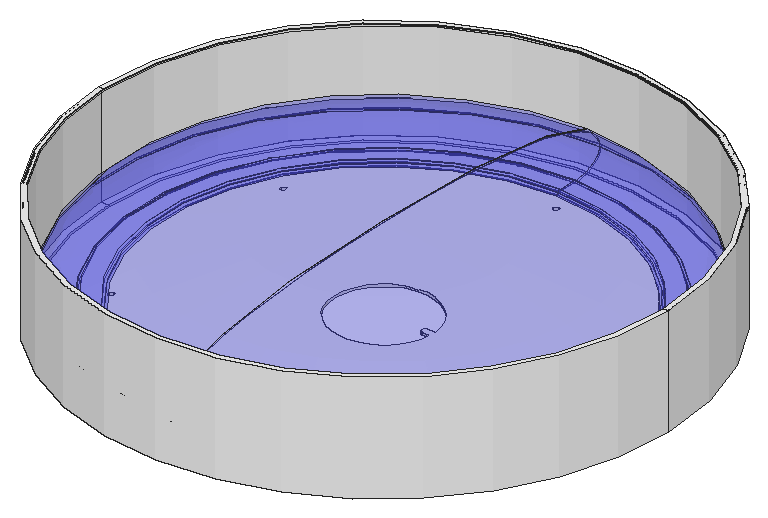
Revit family "BE_50794.2_de_DE", category Leuchten, Revit 2020
Family settings
  Basisbauteil = Fläche
  Bemaßung runder Anschluss = Durchmesser verwenden
  Teiletyp = Normal
  Beim Laden mit Abzugskörper schneiden = Ja
  Lichtquelle = Ja
  Gemeinsam genutzt = Nein
  Raumberechnungspunkt = Ja
Parameters (values of type "BEGA_50794.2_K3")
  built-in parameter 1150104 = 15.525 (stored number, unit not read)
  Wattage = 91.2 W
  Default Elevation = 0 mm
  built-in parameter 1150113 = 1 (stored number, unit not read)
  built-in parameter 1114218 = 1 (stored number, unit not read)
  Umgebungstemperatur = "25 °C"
  URL = "https://www.bega.com/de/produkt/50794.2"
  Typenkommentare = "© 2023 BEGA. Wir behalten uns das Recht vor, technische Änderungen ohne vorherige Ankündigung vorzunehmen."  # constant formula
  built-in parameter 1150134 = (empty or 0)
  built-in parameter 1150109 = 1 (stored number, unit not read)
  Strom = ""
  built-in parameter 1150110 = 1 (stored number, unit not read)
  Spannung = 239.996 V
  Sonderanfertigung = no
  Seriennummer [instance] = "Hier können Sie die eindeutige Seriennummer für das Facility Management eintragen."
  Schutzklasse = "I"
  Schutzart = "IP 20"
  Scheinlast = 0 VA
  Produktdatenblatt = "https://cdn.bega.com/bega/products/50794.2K3/current/documents/data-sheets/de"
  Neigungswinkel = 0.00°
  Modell = "50794.2K3"
  Material_34 = BEGA_Oberfläche_Samtweiss_matt
  Material_22 = BEGA_Oberfläche_Aluminium_matt
  Material_14 = BEGA_Kunststoff_opal
  M_W = no
  M_G = no
  M_A = no
  Logo = 0
  built-in parameter 1114217 = 1 (stored number, unit not read)
  built-in parameter 1150139 = (empty or 0)
  built-in parameter 1150105 = 1212.8 (stored number, unit not read)
  built-in parameter 1150114 = 1 (stored number, unit not read)
  Lumens = 15240.4 lm
  built-in parameter 1150115 = 1 (stored number, unit not read)
  Leuchtenlichtstrom = "10990 lm"
  Leuchtenanzahl = ""
  Lebensdauerkriterien = "L70B50 @ 25 °C = 200000 h"
  Lastklassifizierung = Beleuchtung
  built-in parameter 1150112 = 1 (stored number, unit not read)
  Lampenlichtstrom = "15240 lm"
  Lampe = "LED 91.2 W"
  LED_Modulbezeichnung = "4 x LED-0704/930"
  Hersteller = "BEGA"  # constant formula
  Halbstreuwinkel = ""
  Gewicht = "34.7 kg"
  Frequenz = "0/50-60 Hz"
  Farbwiedergabeindex = "CRI > 90"
  Farbtemperaturverschiebung bei Dämpfen der Lampe = <Keine Auswahl>
  Farbtemperatur = "3000 K"
  Color Filter = 16777215
  built-in parameter 1150133 = 10 (stored number, unit not read)
  Energieeffizienzklasse = "LED A++ - A"
  built-in parameter 1150137 = (empty or 0)
  built-in parameter 1150132 = (empty or 0)
  ENEC = "ja"
  Dimmbar [instance] = "DALI"
  Datei für fotometrisches Netz = "BE_50794-2K3.IES"
  CE_Konformität = "ja"
  Bestellnummer = "50794.2K3"
  Beschreibung_Sonderanfertigung = "Hier können Sie Informationen zur Sonderanfertigung eintragen."
  Beschreibung = "Großflächen-Deckenleuchte"
  built-in parameter 1150106 = 12.128 (stored number, unit not read)
  Befestigungsbohrung = "Ø 10 mm"
  Befestigungsabstand = ""
  BEGA_Intern_aus = yes
  BEGA_Intern_an = yes
  BEGA_Intern_Konstruktion = yes
  BEGA_Intern = yes
  BEGA_IES = yes
  BEGA_Dummy = no
  Anschlussleistung [instance] = "100 W"
  Anschlusskasten = ""
  built-in parameter 1150107 = 3000 (stored number, unit not read)
  built-in parameter 1150102 = (empty or 0)
  built-in parameter 1150138 = (empty or 0)
  Aktualisierung = "2023-08-23T04:00:04"
  AC/DC = "AC/DC"
Reference planes
  plane 1 "Mitte (Vorne/Hinten)": y = 0
  plane 2: z = 0
  plane 3 "Mitte (Links/Rechts)": x = 0
  plane 4 "Links": x = -523.002
  plane 5 "Rechts": x = 522.973
  plane 6 "Unten": y = -523.098
  plane 7 "Oben": y = 523.059
  plane 8 "Vorne": z = 202.131
Forms (mm)
  Extrusion 1, solid, material "BEGA_Platte_Weiss"
    sketch origin (0, -1119.2, 0) x (1, 0, 0) y (0, 1, 0)
      loop
        line (-200, 1319.2) -> (-200, 919.2) -> (200, 919.2) -> (200, 1319.2) -> (-200, 1319.2)
    from 0 to -10
  Extrusion 2, solid, material "BEGA_Dummy_matt", visible <- "BEGA_Dummy"
    sketch origin (77.149, -76.023, 0) x (1, 0, 0) y (0, 1, 0)
      loop
        circle (-77.149, 76.023) r 523
    from 0 to 202.131
Dimensions and locks
  plane 1 "Mitte (Vorne/Hinten)" to Extrusion 1 = 200 mm
  aligned and locked: plane 2 to Extrusion 1
  aligned and locked: level to Extrusion 1
Nested families
  nested 1: "BE_50794.2_Leuchte" at (0, 0, 0), type "BE_50794.2_Leuchte"
Connectors
  electrical at (0, 0, 0), driven by "Lastklassifizierung", driven by "Spannung", driven by "Scheinlast"
    settings: index 1, voltage 239.996 V, apparent load 0 VA, apparent load phase1 0 VA, apparent load phase2 0 VA, apparent load phase3 0 VA, power factor 1, load classification "Beleuchtung", number of poles 1, system type 31, power factor state 1, is connector primary yes, connector utility no, sub classification motor no, connector description ""
Definition of nested family "BE_50794.2_Leuchte"
  Parameters (values of type "BE_50794.2_Leuchte")
    Default Elevation = 1 mm
    URL = "http://www.bega.de/de/produkt"
    Type Comments = "© 2015 BEGA. Wir behalten uns das Recht vor, technische Änderungen ohne vorherige Ankündigung vorzunehmen. "  # constant formula
    Type Image = (empty or 0)
    Material_34 = none
    Material_22 = none
    Material_14 = none
    Länge_Platte = 1200 mm  # constant formula
    Höhe_Platte = -10 mm  # constant formula
    Manufacturer = "BEGA"  # constant formula
    Breite_Platte = 1200 mm  # constant formula
  Reference planes
    plane 1 "Mitte (Oben/Unten)": y = 0
    plane 2: z = 0
    plane 3 "Mitte (Links/Rechts)": x = 0
    plane 4: z = 202.131
    plane 5: x = -523.002
    plane 6: x = 522.973
    plane 7: y = 523.059
    plane 8: y = -523.098
  Forms (mm)
    Extrusion 1, solid, detail levels medium
      sketch origin (0, 0, 0) x (1, 0, 0) y (0, 1, 0)
        loop
          line (-600, 600) -> (-600, -600) -> (600, -600) -> (600, 600) -> (-600, 600)
      from 0 to -10 <- "Höhe_Platte"
    Extrusion 2, solid, material <- "Material_22"
      sketch origin (0, 0, 0) x (1, 0, 0) y (0, 1, 0)
        loop
          circle (0, 0) r 518
        loop
          arc (89.8, 6) -> (-90, 0) -> (89.8, -6) r 90
          line (89.8, -6) -> (76, -6)
          arc (76, -6) -> (70, 0) -> (76, 6) r 6
          line (76, 6) -> (89.8, 6)
      from 7 to 11.131
    Extrusion 3, void
      sketch origin (0, 0, 0) x (1, 0, 0) y (0, 1, 0)
        loop
          circle (-342.08, 197.5) r 5
        loop
          circle (0, 395) r 5
        loop
          circle (342.08, 197.5) r 5
        loop
          circle (342.08, -197.5) r 5
        loop
          circle (0, -395) r 5
        loop
          circle (-342.08, -197.5) r 5
      from 0 to 27
    Extrusion 4, solid, material <- "Material_22"
      sketch origin (0, 0, 0) x (1, 0, 0) y (0, 1, 0)
        loop
          circle (-342.08, -197.5) r 9.85
        loop
          circle (-342.08, 197.5) r 9.85
        loop
          circle (0, 395) r 9.85
        loop
          circle (342.08, 197.5) r 9.85
        loop
          circle (342.08, -197.5) r 9.85
        loop
          circle (0, -395) r 9.85
      from 0 to 9
    Revolve 5, solid, material <- "Material_34"
      sketch origin (0, 0, 0) x (1, 0, 0) y (0, 0, 1)
        loop
          line (523, 202.131) -> (514, 202.131) -> (514, 200.381) -> (521, 200.381) -> (521, 2.131) -> (523, 2.131) -> (523, 202.131)
        axis (0, 2.131) -> (0, 202.131)
      angle from 0 to 360
    Revolve 6, solid, material <- "Material_22"
      sketch origin (0, 0, 0) x (1, 0, 0) y (0, 0, 1)
        loop
          line (521, 2.131) -> (521, 200.381) -> (514, 200.381) -> (514, 198.631) -> (519, 198.631) -> (519, 15.131) -> (505.7, 15.131) -> (505.7, 11.131) -> (519, 11.131) -> (519, 2.131) -> (521, 2.131)
        axis (0, 2.131) -> (0, 200.381)
      angle from 0 to 360
    Revolve 7, solid, material <- "Material_14"
      sketch origin (0, 0, 0) x (0, 1, 0) y (0, 0, 1)
        loop
          arc (405.484, 39.35) -> (402.484, 38.546) -> (400.287, 36.35) r 6
          line (400.287, 36.35) -> (396.823, 30.35) -> (401.442, 30.35) -> (404.329, 35.35) -> (438.5, 35.35) -> (440.328, 33.522)
          arc (440.328, 33.522) -> (441.905, 32.551) -> (443.751, 32.394) r 4
          spline (443.751, 32.394) -> (451.696, 33.822) -> (459.282, 35.664) -> (466.426, 37.899) -> (473.047, 40.503) -> (479.074, 43.446) -> (484.439, 46.697) -> (489.083, 50.22) -> (492.955, 53.975) -> (496.011, 57.921) -> (498.219, 62.014) -> (499.554, 66.21) -> (500, 70.461)
          spline (500, 70.461) -> (496.365, 85.179) -> (485.474, 98.812) -> (467.369, 111.31) -> (442.118, 122.624) -> (409.819, 132.711) -> (370.595, 141.533) -> (324.596, 149.055) -> (271.998, 155.249) -> (213.002, 160.092) -> (147.834, 163.564) -> (76.742, 165.652) -> (0, 166.349)
          line (0, 166.349) -> (0, 162.349)
          spline (0, 162.349) -> (76.667, 161.653) -> (147.671, 159.567) -> (212.734, 156.1) -> (271.603, 151.268) -> (324.046, 145.093) -> (369.842, 137.604) -> (408.797, 128.844) -> (440.724, 118.875) -> (465.445, 107.801) -> (482.79, 95.843) -> (492.806, 83.354) -> (495.999, 70.46)
          spline (495.999, 70.46) -> (495.639, 67.034) -> (494.539, 63.585) -> (492.664, 60.112) -> (489.98, 56.65) -> (486.483, 53.26) -> (482.196, 50.01) -> (477.16, 46.962) -> (471.438, 44.168) -> (465.099, 41.672) -> (458.215, 39.519) -> (450.871, 37.737) -> (443.157, 36.35)
          line (443.157, 36.35) -> (441.892, 37.615)
          arc (441.892, 37.615) -> (439.953, 38.899) -> (437.672, 39.35) r 6
          line (437.672, 39.35) -> (405.484, 39.35)
        axis (0, 166.349) -> (0, 30.35)
      angle from 0 to 360
  Cuts and joins
    Extrusion 3 cuts Extrusion 2
    Extrusion 3 cuts Extrusion 4
    joined: Extrusion 2, Extrusion 4
  Dimensions and locks
    equal spacing: Extrusion 1 sketch curve, plane 3 "Mitte (Links/Rechts)", Extrusion 1 sketch curve
    equal spacing: Extrusion 1 sketch curve, plane 1 "Mitte (Oben/Unten)", Extrusion 1 sketch curve
    "Länge_Platte": Extrusion 1 sketch curve to Extrusion 1 sketch curve
    "Breite_Platte": Extrusion 1 sketch curve to Extrusion 1 sketch curve
    aligned and locked: Extrusion 1 to plane 2
    aligned and locked: Extrusion 1 to level
  Automatic sketch dimensions
    Extrusion 2 sketch curve to Extrusion 2 sketch curve = 0 mm  (x3)
    plane 1 "Mitte (Oben/Unten)" to Extrusion 2 sketch curve = 0 mm  (x2)
    Extrusion 2 sketch curve to plane 3 "Mitte (Links/Rechts)" = 0 mm
    plane 1 "Mitte (Oben/Unten)" to Extrusion 2 sketch curve = 6 mm
    Extrusion 2 sketch curve to Extrusion 2 sketch curve = 13.8 mm
    plane 3 "Mitte (Links/Rechts)" to Extrusion 2 sketch curve = 76 mm
    Revolve 5 sketch curve to plane 3 "Mitte (Links/Rechts)" = 0 mm
    level to Revolve 5 sketch curve = 202.131 mm
    plane 3 "Mitte (Links/Rechts)" to Revolve 5 sketch curve = 514 mm
    level to Revolve 5 sketch curve = 2.131 mm
    Revolve 5 sketch curve to Revolve 5 sketch curve = 9 mm
    Revolve 5 sketch curve to Revolve 5 sketch curve = 2 mm
    Revolve 5 sketch curve to level = 609.6 mm
    Revolve 5 sketch curve to Revolve 5 sketch curve = 1.75 mm
    Revolve 5 sketch curve to Revolve 5 sketch curve = 2406.927 mm
    level to Revolve 6 sketch curve = 15.131 mm
    plane 3 "Mitte (Links/Rechts)" to Revolve 6 sketch curve = 505.7 mm
    Revolve 6 sketch curve to Revolve 6 sketch curve = 5 mm
    Revolve 6 sketch curve to Revolve 6 sketch curve = 0 mm
    Revolve 6 sketch curve to Revolve 6 sketch curve = 4 mm
    level to Revolve 6 sketch curve = 2.131 mm
    Revolve 6 sketch curve to Revolve 6 sketch curve = 183.5 mm
    Revolve 6 sketch curve to Revolve 6 sketch curve = 2 mm
    Revolve 6 sketch curve to Revolve 6 sketch curve = 1.75 mm
    Revolve 6 sketch curve to Revolve 6 sketch curve = 8.3 mm
    Revolve 6 sketch curve to plane 3 "Mitte (Links/Rechts)" = 0 mm
    Revolve 6 sketch curve to level = 609.6 mm
    Revolve 6 sketch curve to Revolve 6 sketch curve = 2408.677 mm
    Revolve 7 sketch curve to plane 1 "Mitte (Oben/Unten)" = 0 mm  (x2)
    level to Revolve 7 sketch curve = 30.35 mm
    Revolve 7 sketch curve to plane 1 "Mitte (Oben/Unten)" = 396.823 mm
    Revolve 7 sketch curve to Revolve 7 sketch curve = 4.619 mm
    Revolve 7 sketch curve to Revolve 7 sketch curve = 2.887 mm
    Revolve 7 sketch curve to Revolve 7 sketch curve = 1.155 mm
    Revolve 7 sketch curve to Revolve 7 sketch curve = 32.188 mm
    Revolve 7 sketch curve to Revolve 7 sketch curve = 0.828 mm
    level to Revolve 7 sketch curve = 37.615 mm
    Revolve 7 sketch curve to Revolve 7 sketch curve = 3.392 mm
    Revolve 7 sketch curve to Revolve 7 sketch curve = 1.265 mm  (x2)
    Revolve 7 sketch curve to Revolve 7 sketch curve = 4.265 mm
    Revolve 7 sketch curve to Revolve 7 sketch curve = 3 mm
    Revolve 7 sketch curve to Revolve 7 sketch curve = 2 mm
    level to Revolve 7 sketch curve = 162.349 mm
    Revolve 7 sketch curve to Revolve 7 sketch curve = 4 mm
    Revolve 7 sketch curve to level = 198.183 mm
    level to Revolve 7 sketch curve = 36.35 mm  (x2)
    Revolve 7 sketch curve to Revolve 7 sketch curve = 4.041 mm
    Revolve 7 sketch curve to Revolve 7 sketch curve = 0 mm  (x3)
    Revolve 7 sketch curve to Revolve 7 sketch curve = 13.738 mm
    level to Revolve 7 sketch curve = 33.522 mm
    Revolve 7 sketch curve to Revolve 7 sketch curve = 1.828 mm
    Revolve 7 sketch curve to Revolve 7 sketch curve = 3.422 mm
    Revolve 7 sketch curve to Revolve 7 sketch curve = 0.002 mm
    Revolve 7 sketch curve to level = 609.6 mm
    Revolve 7 sketch curve to Revolve 7 sketch curve = 1.127 mm
    Revolve 7 sketch curve to Revolve 7 sketch curve = 2177.457 mm
    plane 1 "Mitte (Oben/Unten)" to Revolve 7 sketch curve = 1400.809 mm
    Revolve 7 sketch curve to Revolve 7 sketch curve = 56.527 mm
    Revolve 7 sketch curve to Revolve 7 sketch curve = 4.719 mm
    level to Revolve 7 sketch curve = 70.46 mm
    Revolve 7 sketch curve to Revolve 7 sketch curve = 4.001 mm
    radius of Extrusion 2 sketch curve = 518 mm
